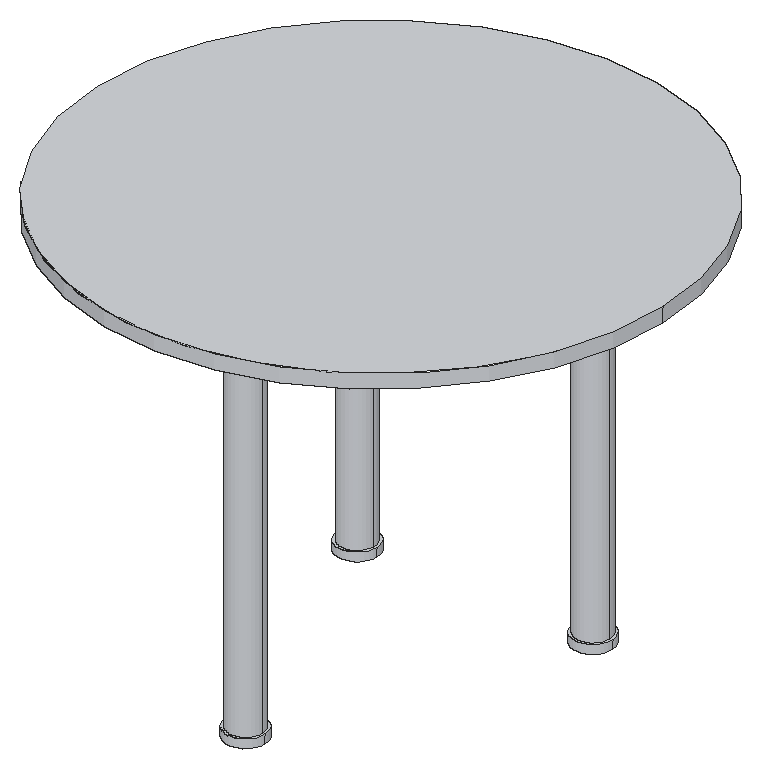
Revit family
Parameters (values of type "1000 x 1000")
  Table Material = none
  Model = "Meeting Table"
  Manufacturer = "Revit"
  Leg Material = none
  Description = "Table"
  Assembly Code = "E2020200"
Reference planes
  plane 1: z = 0
  plane 2 "Center (Left/Right)": x = 0
  plane 3: y = -188.822
Forms (mm)
  Extrusion 1, solid, material <- "Table Material"
    sketch origin (0, 0, 0) x (1, 0, 0) y (0, 1, 0)
      loop
        circle (0, -188.822) r 500
    from 700 to 725
Lines and regions (mm)
  symbolic lines
    curve 1: arc (500, -188.822, 0) -> (0, 311.178, 0) -> (-500, -188.822, 0) r 500
    curve 2: arc (-500, -188.822, 0) -> (0, -688.822, 0) -> (500, -188.822, 0) r 500
    curve 3: line (0, -248.822, 0) -> (0, -128.822, 0)
    curve 4: line (60, -188.822, 0) -> (-60, -188.822, 0)
Dimensions and locks
  aligned and locked: Extrusion 1 to nested 1
Nested families
  nested 1: "Leg" at (0, -488.822, 0), type "Height 700mm"
  nested 2: "Leg" at (208.9, 20.079, 0) x (-1, 0, 0) z (0, 0, 1), type "Height 700mm"
  nested 3: "Leg" at (-208.9, 20.079, 0), type "Height 700mm"
Definition of nested family "Leg"
  Parameters (values of type "Height 700mm")
    Model = "Abacus"
    Manufacturer = "LM"
    Leg Material = none
    Description = "Table Leg"
    Assembly Code = "E2020200"
  Reference planes
    plane 1 "Center (Front/Back)": y = 0
    plane 2: z = 0
    plane 3 "Center (Left/Right)": x = 0
  Forms (mm)
    Revolve 1, solid, material <- "Leg Material"
      sketch origin (0, 0, 0) x (1, 0, 0) y (0, 0, 1)
        loop
          line (0, 15) -> (0, 700) -> (-43, 700) -> (-33, 650) -> (-30, 650) -> (-30, 15) -> (0, 15)
        axis (0, 15) -> (0, 700)
      angle from 0 to 360
    Extrusion 2, solid, material <- "Leg Material"
      sketch origin (0, 0, 0) x (1, 0, 0) y (0, 1, 0)
        loop
          circle (0, 0) r 35
      from 0 to 15
  Dimensions and locks
    aligned and locked: plane 3 "Center (Left/Right)" to Revolve 1 sketch curve
    aligned and locked: Revolve 1 to Extrusion 2
